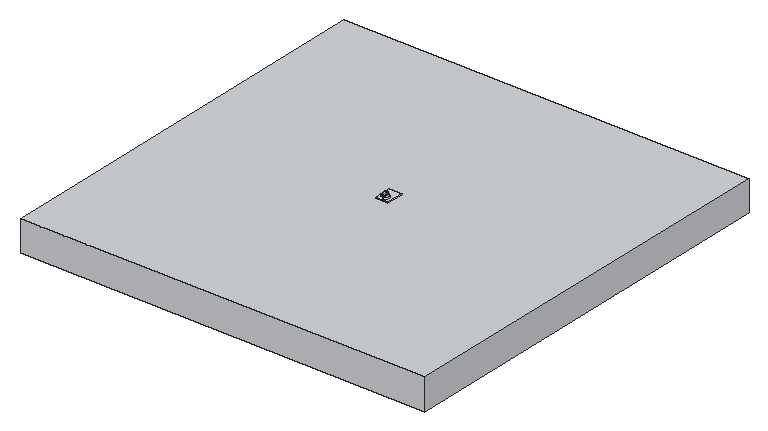
Revit family "HL_Стиральная устройство_HL440", category Instalační zařizovací předměty, Revit 2016
Family settings
  Hostitel = Plocha
  Typ součásti = Normální
  Kóta kulaté spojky = Použít průměr
  Číslo OmniClass = 23.70.50.21.37
  Nadpis OmniClass = Valves for Removal Systems
  Ořezat dutým tvarem při načtení = Ne
  Sdílené = Ano
  Bod výpočtu místnosti = Ne
Parameters (values of type "HL440")
  РАЗМЕР = "DN40/50"
  ПРОПУСКНАЯ СПОСОБНОСТЬ [instance] = 0 L/s
  ПРОИЗВОДИТЕЛЬНОСТЬ = "0,33 l/s"
  ПРАВОВАЯ ИНФОРМАЦИЯ = "Авторские права(©), права на дизайн или какие либо другие права интелектуальной собственности являются исключительной собственностью компании HL Hutterer & Lechner. Изменению не подлежит. Файл семейства с данными о прозводителе изделия защищен паролем с водяным знаком."  # constant formula
  НОМИНАЛЬНЫЙ ДИАМЕТР [instance] = 50 mm
  МАТЕРИАЛ = "PE/V2A"
  ГЛУБИНА МОНТАЖА = "55-80 mm"
  ВЕС = "0,2 [kg]"
  Výrobce = "HL Hutterer & Lechner GmbH"  # constant formula
  URL = "http://www.hutterer-lechner.com/ru/Products/catalog/washing-devices/products/HL440.aspx"
  Výchozí výška = 600 mm
  Popis = "Стиральная устройство"
  Model = "HL440"
  Type Comments = "Подсоединение для стиральной или посудомоечной машины\nDN40/50 с запахозапирающим устройством, соединительным коленом 3/4\" HL19 и плитой из нержавеющей стали 120 х 166 мм."
  Keynote = "HL440"
  глубина монтажа [instance] = 80 mm
  EAN = "9003076504404"
  E [instance] = НОМИНАЛЬНЫЙ ДИАМЕТР = 50 mm  # yes
  D [instance] = if(or(глубина монтажа < 55 mm, глубина монтажа > 80 mm), 0 mm, 79 mm)  # 79 mm
  C [instance] = if(or(НОМИНАЛЬНЫЙ ДИАМЕТР = 50 mm, НОМИНАЛЬНЫЙ ДИАМЕТР = 40 mm), 36 mm, 0 mm)  # 36 mm
  A [instance] = if(НОМИНАЛЬНЫЙ ДИАМЕТР = 50 mm, 88 mm, 52 mm)  # 88 mm
Types (2, lengths in mm): name | URL | Popis
  (no name) | "http://www.hutterer-lechner.com/en/Products/catalog/washing-devices/attachments/HL440.aspx" | "Washing devices"
  HL440 | "http://www.hutterer-lechner.com/ru/Products/catalog/washing-devices/products/HL440.aspx" | "Стиральная устройство"
Values of the unnamed type that differ from the named types
  Type Comments = "Recessed washing device trap DN40/50 with appliance hose connector 3/4' HL19 and stainless steel coverplate 120 x 166 mm. Comes with lot cover."
Reference planes
  plane 1 "Center (Front/Back)": y = 19.795
  plane 2: z = 0
  plane 3 "Center (Left/Right)": x = 0
  plane 4 "PP": z = -55
  plane 5 "IH": z = -80
Forms (mm)
  Extrusion 1, solid
    sketch origin (-3, 0, 0) x (1, 0, 0) y (0, 1, 0)
      loop
        line (-2000, 2000) -> (-2000, -2000) -> (2000, -2000) -> (2000, 2000) -> (-2000, 2000)
    from 0 to -304.8
  Blend 2, solid, material "Plactic - Black", detail levels fine
    base sketch origin (0, -61.323, -43.462) x (1, 0, 0) y (0, 0, -1)
      loop
        circle (0, 0) r 15
    top sketch origin (0, -61.323, -43.462) x (1, 0, 0) y (0, 0, -1)
      loop
        circle (0, 0) r 15.846
    from 81.735 to 111.118
  Extrusion 3, solid, material "Plactic - Black", detail levels fine
    sketch origin (0, -61.323, -43.462) x (1, 0, 0) y (0, 0, -1)
      loop
        circle (0, 0) r 18
    from 111.118 to 123.323
  Revolve 4, solid, material "Plactic - Black", detail levels fine
    sketch origin (0, -87.5, 30.989) x (0, 0, -1) y (0, 1, 0)
      loop
        line (30.989, 107.295) -> (30.989, 92.298) -> (81, 92.298) -> (81, 107.295) -> (30.989, 107.295)
      axis (30.989, 107.295) -> (81, 107.295)
    angle from 0 to 360
  Revolve 5, solid, material "Plactic - Black", visible <- "E", detail levels fine
    sketch origin (0, -61.203, -55) x (-1, 0, 0) y (0, -1, 0)
      loop
        line (-25, -28.998) -> (0, -28.998) -> (0, 7.002) -> (-25, 7.002) -> (-25, -28.998)
      axis (0, -28.998) -> (0, 7.002)
    angle from 0 to 360
  Revolve 6, solid, material "Plactic - Black", detail levels fine
    sketch origin (0, -61.203, -55) x (-1, 0, 0) y (0, -1, 0)
      loop
        line (-20, -107.998) -> (0, -107.998) -> (0, -28.998) -> (-20, -28.998) -> (-20, -107.998)
      axis (0, -107.998) -> (0, -28.998)
    angle from 0 to 360
  Extrusion 7, solid, material "Metal - steel", detail levels fine
    sketch origin (0, 0, 0) x (1, 0, 0) y (0, 1, 0)
      loop
        line (60, 131.6) -> (-60, 131.6) -> (-60, -34.4) -> (60, -34.4) -> (60, 131.6)
    from 0 to 5
  Revolve 8, solid, material "Plactic - White", detail levels fine
    sketch origin (0, 19.795, -29) x (0, 0, -1) y (0, 1, 0)
      loop
        line (-52, 0) -> (-52, -15.004) -> (-42, -15.004) -> (-42, -24.074) -> (-34, -24.074) -> (-34, 0) -> (-52, 0)
      axis (-52, 0) -> (-34, 0)
    angle from 0 to 360
Cuts and joins
  joined: Blend 2, Revolve 4, Revolve 6
Lines and regions (mm)
  model lines, style "Logo", detail levels fine
    curve 1: line (45.549, -24.315, 5) -> (45.549, -29.315, 5)
    curve 2: line (45.549, -26.815, 5) -> (47.862, -26.815, 5)
    curve 3: line (47.862, -24.315, 5) -> (47.862, -29.315, 5)
    curve 4: line (49.126, -24.315, 5) -> (49.126, -29.315, 5)
    curve 5: line (49.126, -29.315, 5) -> (51.126, -29.315, 5)
  reference lines
    curve 6: line (0, -68.205, -55) -> (0, 19.795, -55)
  model lines, detail levels coarse+medium
    curve 7: line (0, -68.205, -55) -> (0, 19.795, -55)
    curve 8: line (0, 19.795, -55) -> (0, 19.795, 45.1)
    curve 9: line (0, 19.795, 45.1) -> (0, -37.505, 45.1)
  symbolic lines, detail levels coarse+medium
    curve 10: line (0, 19.795, 0) -> (0, 19.795, 105)
    curve 11: line (40, 19.795, 65) -> (-40, 19.795, 65)
Dimensions and locks
  locked: plane 4 "PP" to plane 5 "IH" at 25
  "глубина монтажа": Extrusion 1 to plane 5 "IH"
  "C": Revolve 5 sketch curve to Revolve 5 sketch curve
  "D": Revolve 6 sketch curve to Revolve 6 sketch curve
  "A": curve 6 to plane 1 "Center (Front/Back)"
  aligned and locked: Extrusion 1 to plane 2
  aligned and locked: Extrusion 1 to level
Automatic sketch dimensions
  Extrusion 1 sketch curve to Extrusion 1 sketch curve = 4000 mm  (x2)
  Blend 2 sketch curve to plane 3 "Center (Left/Right)" = 0 mm  (x2)
  Blend 2 sketch curve to plane 4 "PP" = 11.538 mm  (x2)
  Extrusion 3 sketch curve to plane 3 "Center (Left/Right)" = 0 mm
  Extrusion 3 sketch curve to plane 4 "PP" = 11.538 mm
  level to Revolve 4 sketch curve = 0 mm
  Revolve 4 sketch curve to plane 4 "PP" = 4.989 mm
  Revolve 4 sketch curve to Revolve 4 sketch curve = 0 mm  (x2)
  plane 4 "PP" to Revolve 4 sketch curve = 1.551 mm
  Revolve 4 sketch curve to plane 1 "Center (Front/Back)" = 0 mm
  Revolve 4 sketch curve to Revolve 4 sketch curve = 14.997 mm
  Extrusion 7 sketch curve to plane 3 "Center (Left/Right)" = 60 mm
  plane 3 "Center (Left/Right)" to Extrusion 7 sketch curve = 60 mm
  plane 1 "Center (Front/Back)" to Extrusion 7 sketch curve = 54.195 mm
  plane 4 "PP" to curve 7 = 0 mm
  curve 9 to plane 1 "Center (Front/Back)" = 0 mm
  curve 9 to curve 8 = 57.3 mm
  curve 7 to curve 7 = 88 mm
  level to curve 9 = 45.1 mm
  Extrusion 7 sketch curve to plane 1 "Center (Front/Back)" = 111.805 mm
  level to Revolve 8 sketch curve = 23 mm
  Revolve 8 sketch curve to Revolve 8 sketch curve = 10 mm
  level to Revolve 8 sketch curve = 5 mm
  plane 1 "Center (Front/Back)" to Revolve 8 sketch curve = 24.074 mm
  Revolve 8 sketch curve to Revolve 8 sketch curve = 9.069 mm
  Revolve 8 sketch curve to Revolve 8 sketch curve = 15.004 mm
  Revolve 8 sketch curve to Revolve 8 sketch curve = 12.238 mm
  level to Revolve 8 sketch curve = 0.6 mm
  Revolve 8 sketch curve to Revolve 8 sketch curve = 0 mm
  curve 4 to Extrusion 7 = 5.085 mm
  curve 4 to Extrusion 7 = 10.874 mm
  curve 3 to curve 4 = 1.264 mm
  curve 1 to curve 3 = 2.312 mm
  curve 4 to curve 5 = 2 mm
  curve 1 to curve 4 = 0 mm
  curve 3 to curve 4 = 0 mm  (x2)
  curve 3 to curve 2 = 2.5 mm
  curve 2 to curve 4 = 2.5 mm
  curve 2 to curve 1 = 2.5 mm
  curve 10 to plane 3 "Center (Left/Right)" = 0 mm
  curve 10 to level = 0 mm
  curve 11 to plane 3 "Center (Left/Right)" = 40 mm
  plane 3 "Center (Left/Right)" to curve 11 = 40 mm
  level to curve 11 = 65 mm
  curve 11 to curve 10 = 40 mm
  Revolve 5 sketch curve to plane 3 "Center (Left/Right)" = 0 mm  (x2)
  plane 3 "Center (Left/Right)" to Revolve 5 sketch curve = 25 mm
  plane 1 "Center (Front/Back)" to Revolve 5 sketch curve = 52 mm
  Revolve 5 sketch curve to plane 1 "Center (Front/Back)" = 2100.12 mm
  Revolve 5 sketch curve to Revolve 5 sketch curve = 2011.88 mm
  Revolve 6 sketch curve to plane 3 "Center (Left/Right)" = 0 mm  (x2)
  plane 3 "Center (Left/Right)" to Revolve 6 sketch curve = 20 mm
  Revolve 6 sketch curve to plane 1 "Center (Front/Back)" = 27 mm
  Revolve 6 sketch curve to Revolve 6 sketch curve = 2073.12 mm
  Revolve 6 sketch curve to Revolve 6 sketch curve = 2047.88 mm
  plane 1 "Center (Front/Back)" to curve 6 = 0 mm
  curve 6 to plane 3 "Center (Left/Right)" = 0 mm
  radius of Blend 2 sketch curve = 15 mm
  radius of Blend 2 sketch curve = 15.846 mm
  radius of Extrusion 3 sketch curve = 18 mm
Nested families
  nested 1: "HL_Соединительное колено_HL19" at (0, 19.795, 23), type "HL19_Main Component", detail levels fine
Connectors
  piping at (0, -68.205, -55), diameter 50, driven by "НОМИНАЛЬНЫЙ ДИАМЕТР", driven by "ПРОПУСКНАЯ СПОСОБНОСТЬ"
    settings: on curve 6, index 1, connector inside diameter 609.6 mm, connector length 0 mm, flow factor 0, pipe flow 0 L/s, pressure drop 0.00 Pa, fitting loss kfactor 0, connector angle 0.00°, fixture units 0, engagement length 0 mm, angle of deflection 0.00°, flow configuration 1, flow direction 2, fitting loss method 0, system type 16, joint type 0, gender type 0, connector reference index -1, connector utility 0, adjustable connector yes, is connector primary yes, connector description ""
Definition of nested family "HL_Соединительное колено_HL19"
  Parameters (values of type "HL19")
    РАЗМЕР = "1\" x 3/4\""
    ПРОПУСКНАЯ СПОСОБНОСТЬ = 0 L/s
    ПРАВОВАЯ ИНФОРМАЦИЯ = "Авторские права(©), права на дизайн или какие либо другие права интелектуальной собственности являются исключительной собственностью компании HL Hutterer & Lechner. Изменению не подлежит. Файл семейства с данными о прозводителе изделия защищен паролем с водяным знаком."  # constant formula
    НОМИНАЛЬНЫЙ ДИАМЕТР = 25 mm
    МАТЕРИАЛ = "PP"
    ВЕС = "0,02 [kg]"
    Manufacturer = "HL Hutterer & Lechner GmbH"  # constant formula
    URL = "http://www.hutterer-lechner.com/ru/Products/catalog/washing-devices/products/HL19.aspx"
    Description = "Стиральная устройство"
    Model = "HL19"
    Type Comments = "Соединительное колено для стиральной или посудомоечной машины 1\" х подсоединение шланга 3/4\" (d 17 - 23 мм) "
    Keynote = "HL19"
    EAN = "9003076100194"
  Values of the unnamed type that differ from the named types
    URL = "http://www.hutterer-lechner.com/en/Products/catalog/washing-devices/attachments/HL19.aspx"
    Description = "Washing devices"
    Type Comments = "Appliance hose connector 1' x 3/4' with O-ring"
  Reference planes
    plane 1 "Center (Front/Back)": y = 0
    plane 2: z = 0
    plane 3 "Center (Left/Right)": x = 0
  Forms (mm)
    Revolve 1, solid
      sketch origin (0, 0, -53.5) x (0, 0, -1) y (0, 1, 0)
        loop
          line (-95.35, -23.5) -> (-92.114, -57.3) -> (-83.6, -57.3) -> (-83.6, -23.5) -> (-95.35, -23.5)
        axis (-83.6, -23.5) -> (-83.6, -57.3)
      angle from 0 to 360
    Revolve 2, solid
      sketch origin (0, 0, -53.5) x (0, 0, -1) y (0, 1, 0)
        loop
          line (-61, -18.4) -> (-46, -18.4) -> (-46, -20.15) -> (-43.5, -20.15) -> (-43.5, 0) -> (-61, 0) -> (-61, -18.4)
        axis (-61, 0) -> (-43.5, 0)
      angle from 0 to 360
    Sweep 3, solid
      path origin (0, 0, -10) x (0, 1, 0) y (0, 0, 1)
        loop
          line (-23.5, 40.1) -> (-9.5, 40.1)
          arc (-9.5, 40.1) -> (-2.782, 37.318) -> (0, 30.6) r 9.5
          line (0, 30.6) -> (0, 17.5)
      profile origin (0, -16.5, 30.1) x (0, 0, 1) y (1, 0, 0)
        loop
          circle (0, 0) r 9.4
  Dimensions and locks
    aligned and locked: level to plane 2
